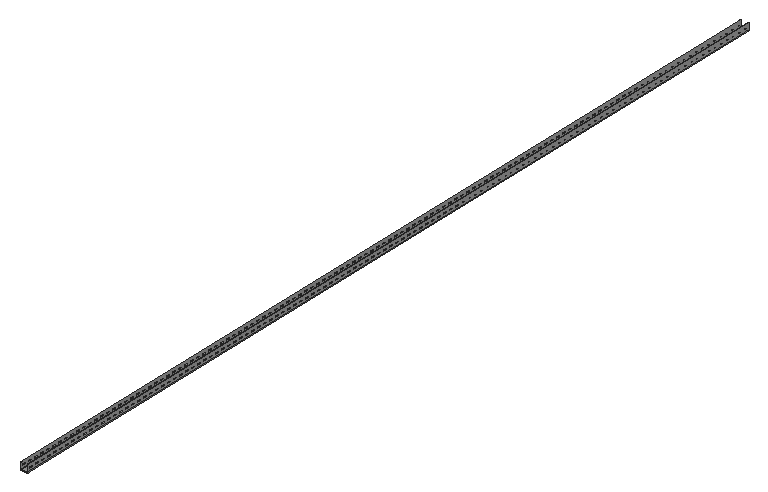
Revit family "U_stiel US 5 20 FT", category Generic Models, Revit 2017 (continued)
Forms (mm)
  Extrusion 208, void
    sketch origin (0, 4300, 0) x (0, 1, 0) y (0, 0, 1)
      loop
        line (10, 30.5) -> (10, 19.5) -> (40, 19.5) -> (40, 30.5) -> (10, 30.5)
    from 0 to 2.5
  Extrusion 209, void
    sketch origin (0, 4350, 0) x (0, 1, 0) y (0, 0, 1)
      loop
        line (10, 30.5) -> (10, 19.5) -> (40, 19.5) -> (40, 30.5) -> (10, 30.5)
    from 0 to 2.5
  Extrusion 210, void
    sketch origin (0, 4400, 0) x (0, 1, 0) y (0, 0, 1)
      loop
        line (10, 30.5) -> (10, 19.5) -> (40, 19.5) -> (40, 30.5) -> (10, 30.5)
    from 0 to 2.5
  Extrusion 211, void
    sketch origin (0, 4450, 0) x (0, 1, 0) y (0, 0, 1)
      loop
        line (10, 30.5) -> (10, 19.5) -> (40, 19.5) -> (40, 30.5) -> (10, 30.5)
    from 0 to 2.5
  Extrusion 212, void
    sketch origin (0, 4500, 0) x (0, 1, 0) y (0, 0, 1)
      loop
        line (10, 30.5) -> (10, 19.5) -> (40, 19.5) -> (40, 30.5) -> (10, 30.5)
    from 0 to 2.5
  Extrusion 213, void
    sketch origin (0, 4550, 0) x (0, 1, 0) y (0, 0, 1)
      loop
        line (10, 30.5) -> (10, 19.5) -> (40, 19.5) -> (40, 30.5) -> (10, 30.5)
    from 0 to 2.5
  Extrusion 214, void
    sketch origin (0, 4600, 0) x (0, 1, 0) y (0, 0, 1)
      loop
        line (10, 30.5) -> (10, 19.5) -> (40, 19.5) -> (40, 30.5) -> (10, 30.5)
    from 0 to 2.5
  Extrusion 215, void
    sketch origin (0, 4650, 0) x (0, 1, 0) y (0, 0, 1)
      loop
        line (10, 30.5) -> (10, 19.5) -> (40, 19.5) -> (40, 30.5) -> (10, 30.5)
    from 0 to 2.5
  Extrusion 216, void
    sketch origin (0, 4700, 0) x (0, 1, 0) y (0, 0, 1)
      loop
        line (10, 30.5) -> (10, 19.5) -> (40, 19.5) -> (40, 30.5) -> (10, 30.5)
    from 0 to 2.5
  Extrusion 217, void
    sketch origin (0, 4750, 0) x (0, 1, 0) y (0, 0, 1)
      loop
        line (10, 30.5) -> (10, 19.5) -> (40, 19.5) -> (40, 30.5) -> (10, 30.5)
    from 0 to 2.5
  Extrusion 218, void
    sketch origin (0, 4800, 0) x (0, 1, 0) y (0, 0, 1)
      loop
        line (10, 30.5) -> (10, 19.5) -> (40, 19.5) -> (40, 30.5) -> (10, 30.5)
    from 0 to 2.5
  Extrusion 219, void
    sketch origin (0, 4850, 0) x (0, 1, 0) y (0, 0, 1)
      loop
        line (10, 30.5) -> (10, 19.5) -> (40, 19.5) -> (40, 30.5) -> (10, 30.5)
    from 0 to 2.5
  Extrusion 220, void
    sketch origin (0, 4900, 0) x (0, 1, 0) y (0, 0, 1)
      loop
        line (10, 30.5) -> (10, 19.5) -> (40, 19.5) -> (40, 30.5) -> (10, 30.5)
    from 0 to 2.5
  Extrusion 221, void
    sketch origin (0, 4950, 0) x (0, 1, 0) y (0, 0, 1)
      loop
        line (10, 30.5) -> (10, 19.5) -> (40, 19.5) -> (40, 30.5) -> (10, 30.5)
    from 0 to 2.5
  Extrusion 222, void
    sketch origin (0, 5000, 0) x (0, 1, 0) y (0, 0, 1)
      loop
        line (10, 30.5) -> (10, 19.5) -> (40, 19.5) -> (40, 30.5) -> (10, 30.5)
    from 0 to 2.5
  Extrusion 223, void
    sketch origin (0, 5050, 0) x (0, 1, 0) y (0, 0, 1)
      loop
        line (10, 30.5) -> (10, 19.5) -> (40, 19.5) -> (40, 30.5) -> (10, 30.5)
    from 0 to 2.5
  Extrusion 224, void
    sketch origin (0, 5100, 0) x (0, 1, 0) y (0, 0, 1)
      loop
        line (10, 30.5) -> (10, 19.5) -> (40, 19.5) -> (40, 30.5) -> (10, 30.5)
    from 0 to 2.5
  Extrusion 225, void
    sketch origin (0, 5150, 0) x (0, 1, 0) y (0, 0, 1)
      loop
        line (10, 30.5) -> (10, 19.5) -> (40, 19.5) -> (40, 30.5) -> (10, 30.5)
    from 0 to 2.5
  Extrusion 226, void
    sketch origin (0, 5200, 0) x (0, 1, 0) y (0, 0, 1)
      loop
        line (10, 30.5) -> (10, 19.5) -> (40, 19.5) -> (40, 30.5) -> (10, 30.5)
    from 0 to 2.5
  Extrusion 227, void
    sketch origin (0, 5250, 0) x (0, 1, 0) y (0, 0, 1)
      loop
        line (10, 30.5) -> (10, 19.5) -> (40, 19.5) -> (40, 30.5) -> (10, 30.5)
    from 0 to 2.5
  Extrusion 228, void
    sketch origin (0, 5300, 0) x (0, 1, 0) y (0, 0, 1)
      loop
        line (10, 30.5) -> (10, 19.5) -> (40, 19.5) -> (40, 30.5) -> (10, 30.5)
    from 0 to 2.5
  Extrusion 229, void
    sketch origin (0, 5350, 0) x (0, 1, 0) y (0, 0, 1)
      loop
        line (10, 30.5) -> (10, 19.5) -> (40, 19.5) -> (40, 30.5) -> (10, 30.5)
    from 0 to 2.5
  Extrusion 230, void
    sketch origin (0, 5400, 0) x (0, 1, 0) y (0, 0, 1)
      loop
        line (10, 30.5) -> (10, 19.5) -> (40, 19.5) -> (40, 30.5) -> (10, 30.5)
    from 0 to 2.5
  Extrusion 231, void
    sketch origin (0, 5450, 0) x (0, 1, 0) y (0, 0, 1)
      loop
        line (10, 30.5) -> (10, 19.5) -> (40, 19.5) -> (40, 30.5) -> (10, 30.5)
    from 0 to 2.5
  Extrusion 232, void
    sketch origin (0, 5500, 0) x (0, 1, 0) y (0, 0, 1)
      loop
        line (10, 30.5) -> (10, 19.5) -> (40, 19.5) -> (40, 30.5) -> (10, 30.5)
    from 0 to 2.5
  Extrusion 233, void
    sketch origin (0, 5550, 0) x (0, 1, 0) y (0, 0, 1)
      loop
        line (10, 30.5) -> (10, 19.5) -> (40, 19.5) -> (40, 30.5) -> (10, 30.5)
    from 0 to 2.5
  Extrusion 234, void
    sketch origin (0, 5600, 0) x (0, 1, 0) y (0, 0, 1)
      loop
        line (10, 30.5) -> (10, 19.5) -> (40, 19.5) -> (40, 30.5) -> (10, 30.5)
    from 0 to 2.5
  Extrusion 235, void
    sketch origin (0, 5650, 0) x (0, 1, 0) y (0, 0, 1)
      loop
        line (10, 30.5) -> (10, 19.5) -> (40, 19.5) -> (40, 30.5) -> (10, 30.5)
    from 0 to 2.5
  Extrusion 236, void
    sketch origin (0, 5700, 0) x (0, 1, 0) y (0, 0, 1)
      loop
        line (10, 30.5) -> (10, 19.5) -> (40, 19.5) -> (40, 30.5) -> (10, 30.5)
    from 0 to 2.5
  Extrusion 237, void
    sketch origin (0, 5750, 0) x (0, 1, 0) y (0, 0, 1)
      loop
        line (10, 30.5) -> (10, 19.5) -> (40, 19.5) -> (40, 30.5) -> (10, 30.5)
    from 0 to 2.5
  Extrusion 238, void
    sketch origin (0, 5800, 0) x (0, 1, 0) y (0, 0, 1)
      loop
        line (10, 30.5) -> (10, 19.5) -> (40, 19.5) -> (40, 30.5) -> (10, 30.5)
    from 0 to 2.5
  Extrusion 239, void
    sketch origin (0, 5850, 0) x (0, 1, 0) y (0, 0, 1)
      loop
        line (10, 30.5) -> (10, 19.5) -> (40, 19.5) -> (40, 30.5) -> (10, 30.5)
    from 0 to 2.5
  Extrusion 240, void
    sketch origin (0, 5900, 0) x (0, 1, 0) y (0, 0, 1)
      loop
        line (10, 30.5) -> (10, 19.5) -> (40, 19.5) -> (40, 30.5) -> (10, 30.5)
    from 0 to 2.5
  Extrusion 241, void
    sketch origin (0, 5950, 0) x (0, 1, 0) y (0, 0, 1)
      loop
        line (10, 30.5) -> (10, 19.5) -> (40, 19.5) -> (40, 30.5) -> (10, 30.5)
    from 0 to 2.5
Cuts and joins
  Extrusion 2, Extrusion 3, Extrusion 4, Extrusion 5, Extrusion 6, Extrusion 7, Extrusion 8, Extrusion 9, Extrusion 10, Extrusion 11, Extrusion 12, Extrusion 13, Extrusion 14, Extrusion 15, Extrusion 16, Extrusion 17, Extrusion 18, Extrusion 19, Extrusion 20, Extrusion 21, Extrusion 22, Extrusion 23, Extrusion 24, Extrusion 25, Extrusion 26, Extrusion 27, Extrusion 28, Extrusion 29, Extrusion 30, Extrusion 31, Extrusion 32, Extrusion 33, Extrusion 34, Extrusion 35, Extrusion 36, Extrusion 37, Extrusion 38, Extrusion 39, Extrusion 40, Extrusion 41, Extrusion 42, Extrusion 43, Extrusion 44, Extrusion 45, Extrusion 46, Extrusion 47, Extrusion 48, Extrusion 49, Extrusion 50, Extrusion 51, Extrusion 52, Extrusion 53, Extrusion 54, Extrusion 55, Extrusion 56, Extrusion 57, Extrusion 58, Extrusion 59, Extrusion 60, Extrusion 61, Extrusion 62, Extrusion 63, Extrusion 64, Extrusion 65, Extrusion 66, Extrusion 67, Extrusion 68, Extrusion 69, Extrusion 70, Extrusion 71, Extrusion 72, Extrusion 73, Extrusion 74, Extrusion 75, Extrusion 76, Extrusion 77, Extrusion 78, Extrusion 79, Extrusion 80, Extrusion 81, Extrusion 82, Extrusion 83, Extrusion 84, Extrusion 85, Extrusion 86, Extrusion 87, Extrusion 88, Extrusion 89, Extrusion 90, Extrusion 91, Extrusion 92, Extrusion 93, Extrusion 94, Extrusion 95, Extrusion 96, Extrusion 97, Extrusion 98, Extrusion 99, Extrusion 100, Extrusion 101, Extrusion 102, Extrusion 103, Extrusion 104, Extrusion 105, Extrusion 106, Extrusion 107, Extrusion 108, Extrusion 109, Extrusion 110, Extrusion 111, Extrusion 112, Extrusion 113, Extrusion 114, Extrusion 115, Extrusion 116, Extrusion 117, Extrusion 118, Extrusion 119, Extrusion 120, Extrusion 121, Extrusion 122, Extrusion 123, Extrusion 124, Extrusion 125, Extrusion 126, Extrusion 127, Extrusion 128, Extrusion 129, Extrusion 130, Extrusion 131, Extrusion 132, Extrusion 133, Extrusion 134, Extrusion 135, Extrusion 136, Extrusion 137, Extrusion 138, Extrusion 139, Extrusion 140, Extrusion 141, Extrusion 142, Extrusion 143, Extrusion 144, Extrusion 145, Extrusion 146, Extrusion 147, Extrusion 148, Extrusion 149, Extrusion 150, Extrusion 151, Extrusion 152, Extrusion 153, Extrusion 154, Extrusion 155, Extrusion 156, Extrusion 157, Extrusion 158, Extrusion 159, Extrusion 160, Extrusion 161, Extrusion 162, Extrusion 163, Extrusion 164, Extrusion 165, Extrusion 166, Extrusion 167, Extrusion 168, Extrusion 169, Extrusion 170, Extrusion 171, Extrusion 172, Extrusion 173, Extrusion 174, Extrusion 175, Extrusion 176, Extrusion 177, Extrusion 178, Extrusion 179, Extrusion 180, Extrusion 181, Extrusion 182, Extrusion 183, Extrusion 184, Extrusion 185, Extrusion 186, Extrusion 187, Extrusion 188, Extrusion 189, Extrusion 190, Extrusion 191, Extrusion 192, Extrusion 193, Extrusion 194, Extrusion 195, Extrusion 196, Extrusion 197, Extrusion 198, Extrusion 199, Extrusion 200, Extrusion 201, Extrusion 202, Extrusion 203, Extrusion 204, Extrusion 205, Extrusion 206, Extrusion 207, Extrusion 208, Extrusion 209, Extrusion 210, Extrusion 211, Extrusion 212, Extrusion 213, Extrusion 214, Extrusion 215, Extrusion 216, Extrusion 217, Extrusion 218, Extrusion 219, Extrusion 220, Extrusion 221, Extrusion 222, Extrusion 223, Extrusion 224, Extrusion 225, Extrusion 226, Extrusion 227, Extrusion 228, Extrusion 229, Extrusion 230, Extrusion 231, Extrusion 232, Extrusion 233, Extrusion 234, Extrusion 235, Extrusion 236, Extrusion 237, Extrusion 238, Extrusion 239, Extrusion 240, Extrusion 241 cuts Extrusion 1
Dimensions and locks
  locked: Extrusion 1 sketch curve to Extrusion 1 sketch curve at 45
  locked: Extrusion 1 sketch curve to Extrusion 1 sketch curve at 50  (x3)
  locked: Extrusion 1 sketch curve to Extrusion 1 sketch curve at 2.5
  "Length": plane 1 "Center (Front/Back)" to plane 4
  locked: Extrusion 2 sketch curve to Extrusion 2 sketch curve at 11
  locked: plane 6 to Extrusion 2 sketch curve at 5.5
  locked: Extrusion 2 sketch curve to Extrusion 2 sketch curve at 30
  equal spacing: group 1, group 2, group 3, group 4, group 125, group 126, group 127, group 128, group 129, group 130, group 131, group 132, group 133, group 134, group 135, group 136, group 137, group 138, group 139, group 140, group 141, group 142, group 143, group 144, group 145, group 146, group 147, group 148, group 149, group 150, group 151, group 152, group 153, group 154, group 155, group 156, group 157, group 158, group 159, group 160, group 161, group 162, group 163, group 164, group 165, group 166, group 167, group 168, group 169, group 170, group 171, group 172, group 173, group 174, group 175, group 176, group 177, group 178, group 179, group 180, group 181, group 182, group 183, group 184, group 185, group 186, group 187, group 188, group 189, group 190, group 191, group 192, group 193, group 194, group 195, group 196, group 197, group 198, group 199, group 200, group 201, group 202, group 203, group 204, group 205, group 206, group 207, group 208, group 209, group 210, group 211, group 212, group 213, group 214, group 215, group 216, group 217, group 218, group 219, group 220, group 221, group 222, group 223, group 224, group 225, group 226, group 227, group 228, group 229, group 230, group 231, group 232, group 233, group 234, group 235, group 236, group 237, group 238, group 239, group 240  (x3)
  locked: Extrusion 7 sketch curve to Extrusion 7 sketch curve at 11
  locked: plane 16 to Extrusion 7 sketch curve at 5.5
  locked: Extrusion 7 sketch curve to Extrusion 7 sketch curve at 30
  equal spacing: group 5, group 6, group 7, group 8, group 9, group 10, group 11, group 12, group 13, group 14, group 15, group 16, group 17, group 18, group 19, group 20, group 21, group 22, group 23, group 24, group 25, group 26, group 27, group 28, group 29, group 30, group 31, group 32, group 33, group 34, group 35, group 36, group 37, group 38, group 39, group 40, group 41, group 42, group 43, group 44, group 45, group 46, group 47, group 48, group 49, group 50, group 51, group 52, group 53, group 54, group 55, group 56, group 57, group 58, group 59, group 60, group 61, group 62, group 63, group 64, group 65, group 66, group 67, group 68, group 69, group 70, group 71, group 72, group 73, group 74, group 75, group 76, group 77, group 78, group 79, group 80, group 81, group 82, group 83, group 84, group 85, group 86, group 87, group 88, group 89, group 90, group 91, group 92, group 93, group 94, group 95, group 96, group 97, group 98, group 99, group 100, group 101, group 102, group 103, group 104, group 105, group 106, group 107, group 108, group 109, group 110, group 111, group 112, group 113, group 114, group 115, group 116, group 117, group 118, group 119, group 120, group 121, group 122, group 123, group 124  (x3)
  locked: Extrusion 8 sketch curve to Extrusion 8 sketch curve at 11
  locked: plane 18 to Extrusion 8 sketch curve at 5.5
  locked: Extrusion 8 sketch curve to Extrusion 8 sketch curve at 30
  locked: Extrusion 9 sketch curve to Extrusion 9 sketch curve at 11
  locked: plane 20 to Extrusion 9 sketch curve at 5.5
  locked: Extrusion 9 sketch curve to Extrusion 9 sketch curve at 30
  locked: Extrusion 10 sketch curve to Extrusion 10 sketch curve at 11
  locked: plane 22 to Extrusion 10 sketch curve at 5.5
  locked: Extrusion 10 sketch curve to Extrusion 10 sketch curve at 30
  locked: Extrusion 11 sketch curve to Extrusion 11 sketch curve at 11
  locked: plane 24 to Extrusion 11 sketch curve at 5.5
  locked: Extrusion 11 sketch curve to Extrusion 11 sketch curve at 30
  locked: Extrusion 12 sketch curve to Extrusion 12 sketch curve at 11
  locked: plane 26 to Extrusion 12 sketch curve at 5.5
  locked: Extrusion 12 sketch curve to Extrusion 12 sketch curve at 30
  locked: Extrusion 13 sketch curve to Extrusion 13 sketch curve at 11
  locked: plane 28 to Extrusion 13 sketch curve at 5.5
  locked: Extrusion 13 sketch curve to Extrusion 13 sketch curve at 30
  locked: Extrusion 14 sketch curve to Extrusion 14 sketch curve at 11
  locked: plane 30 to Extrusion 14 sketch curve at 5.5
  locked: Extrusion 14 sketch curve to Extrusion 14 sketch curve at 30
  locked: Extrusion 15 sketch curve to Extrusion 15 sketch curve at 11
  locked: plane 32 to Extrusion 15 sketch curve at 5.5
  locked: Extrusion 15 sketch curve to Extrusion 15 sketch curve at 30
  locked: Extrusion 16 sketch curve to Extrusion 16 sketch curve at 11
  locked: plane 34 to Extrusion 16 sketch curve at 5.5
  locked: Extrusion 16 sketch curve to Extrusion 16 sketch curve at 30
  locked: Extrusion 17 sketch curve to Extrusion 17 sketch curve at 11
  locked: plane 36 to Extrusion 17 sketch curve at 5.5
  locked: Extrusion 17 sketch curve to Extrusion 17 sketch curve at 30
  locked: Extrusion 18 sketch curve to Extrusion 18 sketch curve at 11
  locked: plane 38 to Extrusion 18 sketch curve at 5.5
  locked: Extrusion 18 sketch curve to Extrusion 18 sketch curve at 30
  locked: Extrusion 19 sketch curve to Extrusion 19 sketch curve at 11
  locked: plane 40 to Extrusion 19 sketch curve at 5.5
  locked: Extrusion 19 sketch curve to Extrusion 19 sketch curve at 30
  locked: Extrusion 20 sketch curve to Extrusion 20 sketch curve at 11
  locked: plane 42 to Extrusion 20 sketch curve at 5.5
  locked: Extrusion 20 sketch curve to Extrusion 20 sketch curve at 30
  locked: Extrusion 21 sketch curve to Extrusion 21 sketch curve at 11
  locked: plane 44 to Extrusion 21 sketch curve at 5.5
  locked: Extrusion 21 sketch curve to Extrusion 21 sketch curve at 30
  locked: Extrusion 22 sketch curve to Extrusion 22 sketch curve at 11
  locked: plane 46 to Extrusion 22 sketch curve at 5.5
  locked: Extrusion 22 sketch curve to Extrusion 22 sketch curve at 30
  locked: Extrusion 23 sketch curve to Extrusion 23 sketch curve at 11
  locked: plane 48 to Extrusion 23 sketch curve at 5.5
  locked: Extrusion 23 sketch curve to Extrusion 23 sketch curve at 30
  locked: Extrusion 24 sketch curve to Extrusion 24 sketch curve at 11
  locked: plane 50 to Extrusion 24 sketch curve at 5.5
  locked: Extrusion 24 sketch curve to Extrusion 24 sketch curve at 30
  locked: Extrusion 25 sketch curve to Extrusion 25 sketch curve at 11
  locked: plane 52 to Extrusion 25 sketch curve at 5.5
  locked: Extrusion 25 sketch curve to Extrusion 25 sketch curve at 30
  locked: Extrusion 26 sketch curve to Extrusion 26 sketch curve at 11
  locked: plane 54 to Extrusion 26 sketch curve at 5.5
  locked: Extrusion 26 sketch curve to Extrusion 26 sketch curve at 30
  locked: Extrusion 27 sketch curve to Extrusion 27 sketch curve at 11
  locked: plane 56 to Extrusion 27 sketch curve at 5.5
  locked: Extrusion 27 sketch curve to Extrusion 27 sketch curve at 30
  locked: Extrusion 28 sketch curve to Extrusion 28 sketch curve at 11
  locked: plane 58 to Extrusion 28 sketch curve at 5.5
  locked: Extrusion 28 sketch curve to Extrusion 28 sketch curve at 30
  locked: Extrusion 29 sketch curve to Extrusion 29 sketch curve at 11
  locked: plane 60 to Extrusion 29 sketch curve at 5.5
  locked: Extrusion 29 sketch curve to Extrusion 29 sketch curve at 30
  locked: Extrusion 30 sketch curve to Extrusion 30 sketch curve at 11
  locked: plane 62 to Extrusion 30 sketch curve at 5.5
  locked: Extrusion 30 sketch curve to Extrusion 30 sketch curve at 30
  locked: Extrusion 31 sketch curve to Extrusion 31 sketch curve at 11
  locked: plane 64 to Extrusion 31 sketch curve at 5.5
  locked: Extrusion 31 sketch curve to Extrusion 31 sketch curve at 30
  locked: Extrusion 32 sketch curve to Extrusion 32 sketch curve at 11
  locked: plane 66 to Extrusion 32 sketch curve at 5.5
  locked: Extrusion 32 sketch curve to Extrusion 32 sketch curve at 30
  locked: Extrusion 33 sketch curve to Extrusion 33 sketch curve at 11
  locked: plane 68 to Extrusion 33 sketch curve at 5.5
  locked: Extrusion 33 sketch curve to Extrusion 33 sketch curve at 30
  locked: Extrusion 34 sketch curve to Extrusion 34 sketch curve at 11
  locked: plane 70 to Extrusion 34 sketch curve at 5.5
  locked: Extrusion 34 sketch curve to Extrusion 34 sketch curve at 30
  locked: Extrusion 35 sketch curve to Extrusion 35 sketch curve at 11
  locked: plane 72 to Extrusion 35 sketch curve at 5.5
  locked: Extrusion 35 sketch curve to Extrusion 35 sketch curve at 30
  locked: Extrusion 36 sketch curve to Extrusion 36 sketch curve at 11
  locked: plane 74 to Extrusion 36 sketch curve at 5.5
  locked: Extrusion 36 sketch curve to Extrusion 36 sketch curve at 30
  locked: Extrusion 37 sketch curve to Extrusion 37 sketch curve at 11
  locked: plane 76 to Extrusion 37 sketch curve at 5.5
  locked: Extrusion 37 sketch curve to Extrusion 37 sketch curve at 30
  locked: Extrusion 38 sketch curve to Extrusion 38 sketch curve at 11
  locked: plane 78 to Extrusion 38 sketch curve at 5.5
  locked: Extrusion 38 sketch curve to Extrusion 38 sketch curve at 30
  locked: Extrusion 39 sketch curve to Extrusion 39 sketch curve at 11
  locked: plane 80 to Extrusion 39 sketch curve at 5.5
  locked: Extrusion 39 sketch curve to Extrusion 39 sketch curve at 30
  locked: Extrusion 40 sketch curve to Extrusion 40 sketch curve at 11
  locked: plane 82 to Extrusion 40 sketch curve at 5.5
  locked: Extrusion 40 sketch curve to Extrusion 40 sketch curve at 30
  locked: Extrusion 41 sketch curve to Extrusion 41 sketch curve at 11
  locked: plane 84 to Extrusion 41 sketch curve at 5.5
  locked: Extrusion 41 sketch curve to Extrusion 41 sketch curve at 30
  locked: Extrusion 42 sketch curve to Extrusion 42 sketch curve at 11
  locked: plane 86 to Extrusion 42 sketch curve at 5.5
  locked: Extrusion 42 sketch curve to Extrusion 42 sketch curve at 30
  locked: Extrusion 43 sketch curve to Extrusion 43 sketch curve at 11
  locked: plane 88 to Extrusion 43 sketch curve at 5.5
  locked: Extrusion 43 sketch curve to Extrusion 43 sketch curve at 30
  locked: Extrusion 44 sketch curve to Extrusion 44 sketch curve at 11
  locked: plane 90 to Extrusion 44 sketch curve at 5.5
  locked: Extrusion 44 sketch curve to Extrusion 44 sketch curve at 30
  locked: Extrusion 45 sketch curve to Extrusion 45 sketch curve at 11
  locked: plane 92 to Extrusion 45 sketch curve at 5.5
  locked: Extrusion 45 sketch curve to Extrusion 45 sketch curve at 30
  locked: Extrusion 46 sketch curve to Extrusion 46 sketch curve at 11
  locked: plane 94 to Extrusion 46 sketch curve at 5.5
  locked: Extrusion 46 sketch curve to Extrusion 46 sketch curve at 30
  locked: Extrusion 47 sketch curve to Extrusion 47 sketch curve at 11
  locked: plane 96 to Extrusion 47 sketch curve at 5.5
  locked: Extrusion 47 sketch curve to Extrusion 47 sketch curve at 30
  locked: Extrusion 48 sketch curve to Extrusion 48 sketch curve at 11
  locked: plane 98 to Extrusion 48 sketch curve at 5.5
  locked: Extrusion 48 sketch curve to Extrusion 48 sketch curve at 30
  locked: Extrusion 49 sketch curve to Extrusion 49 sketch curve at 11
  locked: plane 100 to Extrusion 49 sketch curve at 5.5
  locked: Extrusion 49 sketch curve to Extrusion 49 sketch curve at 30
  locked: Extrusion 50 sketch curve to Extrusion 50 sketch curve at 11
  locked: plane 102 to Extrusion 50 sketch curve at 5.5
  locked: Extrusion 50 sketch curve to Extrusion 50 sketch curve at 30
  locked: Extrusion 51 sketch curve to Extrusion 51 sketch curve at 11
  locked: plane 104 to Extrusion 51 sketch curve at 5.5
  locked: Extrusion 51 sketch curve to Extrusion 51 sketch curve at 30
  locked: Extrusion 52 sketch curve to Extrusion 52 sketch curve at 11
  locked: plane 106 to Extrusion 52 sketch curve at 5.5
  locked: Extrusion 52 sketch curve to Extrusion 52 sketch curve at 30
  locked: Extrusion 53 sketch curve to Extrusion 53 sketch curve at 11
  locked: plane 108 to Extrusion 53 sketch curve at 5.5
  locked: Extrusion 53 sketch curve to Extrusion 53 sketch curve at 30
  locked: Extrusion 54 sketch curve to Extrusion 54 sketch curve at 11
  locked: plane 110 to Extrusion 54 sketch curve at 5.5
  locked: Extrusion 54 sketch curve to Extrusion 54 sketch curve at 30
  locked: Extrusion 55 sketch curve to Extrusion 55 sketch curve at 11
  locked: plane 112 to Extrusion 55 sketch curve at 5.5
  locked: Extrusion 55 sketch curve to Extrusion 55 sketch curve at 30
  locked: Extrusion 56 sketch curve to Extrusion 56 sketch curve at 11
  locked: plane 114 to Extrusion 56 sketch curve at 5.5
  locked: Extrusion 56 sketch curve to Extrusion 56 sketch curve at 30
  locked: Extrusion 57 sketch curve to Extrusion 57 sketch curve at 11
  locked: plane 116 to Extrusion 57 sketch curve at 5.5
  locked: Extrusion 57 sketch curve to Extrusion 57 sketch curve at 30
  locked: Extrusion 58 sketch curve to Extrusion 58 sketch curve at 11
  locked: plane 118 to Extrusion 58 sketch curve at 5.5
  locked: Extrusion 58 sketch curve to Extrusion 58 sketch curve at 30
  locked: Extrusion 59 sketch curve to Extrusion 59 sketch curve at 11
  locked: plane 120 to Extrusion 59 sketch curve at 5.5
  locked: Extrusion 59 sketch curve to Extrusion 59 sketch curve at 30
  locked: Extrusion 60 sketch curve to Extrusion 60 sketch curve at 11
  locked: plane 122 to Extrusion 60 sketch curve at 5.5
  locked: Extrusion 60 sketch curve to Extrusion 60 sketch curve at 30
  locked: Extrusion 61 sketch curve to Extrusion 61 sketch curve at 11
  locked: plane 124 to Extrusion 61 sketch curve at 5.5
  locked: Extrusion 61 sketch curve to Extrusion 61 sketch curve at 30
  locked: Extrusion 62 sketch curve to Extrusion 62 sketch curve at 11
  locked: plane 126 to Extrusion 62 sketch curve at 5.5
  locked: Extrusion 62 sketch curve to Extrusion 62 sketch curve at 30
  locked: Extrusion 63 sketch curve to Extrusion 63 sketch curve at 11
  locked: plane 128 to Extrusion 63 sketch curve at 5.5
  locked: Extrusion 63 sketch curve to Extrusion 63 sketch curve at 30
  locked: Extrusion 64 sketch curve to Extrusion 64 sketch curve at 11
  locked: plane 130 to Extrusion 64 sketch curve at 5.5
  locked: Extrusion 64 sketch curve to Extrusion 64 sketch curve at 30
  locked: Extrusion 65 sketch curve to Extrusion 65 sketch curve at 11
  locked: plane 132 to Extrusion 65 sketch curve at 5.5
  locked: Extrusion 65 sketch curve to Extrusion 65 sketch curve at 30
  locked: Extrusion 66 sketch curve to Extrusion 66 sketch curve at 11
  locked: plane 134 to Extrusion 66 sketch curve at 5.5
  locked: Extrusion 66 sketch curve to Extrusion 66 sketch curve at 30
  locked: Extrusion 67 sketch curve to Extrusion 67 sketch curve at 11
  locked: plane 136 to Extrusion 67 sketch curve at 5.5
  locked: Extrusion 67 sketch curve to Extrusion 67 sketch curve at 30
  locked: Extrusion 68 sketch curve to Extrusion 68 sketch curve at 11
  locked: plane 138 to Extrusion 68 sketch curve at 5.5
  locked: Extrusion 68 sketch curve to Extrusion 68 sketch curve at 30
  locked: Extrusion 69 sketch curve to Extrusion 69 sketch curve at 11
  locked: plane 140 to Extrusion 69 sketch curve at 5.5
  locked: Extrusion 69 sketch curve to Extrusion 69 sketch curve at 30
  locked: Extrusion 70 sketch curve to Extrusion 70 sketch curve at 11
  locked: plane 142 to Extrusion 70 sketch curve at 5.5
  locked: Extrusion 70 sketch curve to Extrusion 70 sketch curve at 30
  locked: Extrusion 71 sketch curve to Extrusion 71 sketch curve at 11
  locked: plane 144 to Extrusion 71 sketch curve at 5.5
  locked: Extrusion 71 sketch curve to Extrusion 71 sketch curve at 30
  locked: Extrusion 72 sketch curve to Extrusion 72 sketch curve at 11
  locked: plane 146 to Extrusion 72 sketch curve at 5.5
  locked: Extrusion 72 sketch curve to Extrusion 72 sketch curve at 30
  locked: Extrusion 73 sketch curve to Extrusion 73 sketch curve at 11
  locked: plane 148 to Extrusion 73 sketch curve at 5.5
  locked: Extrusion 73 sketch curve to Extrusion 73 sketch curve at 30
  locked: Extrusion 74 sketch curve to Extrusion 74 sketch curve at 11
  locked: plane 150 to Extrusion 74 sketch curve at 5.5
  locked: Extrusion 74 sketch curve to Extrusion 74 sketch curve at 30
  locked: Extrusion 75 sketch curve to Extrusion 75 sketch curve at 11
  locked: plane 152 to Extrusion 75 sketch curve at 5.5
  locked: Extrusion 75 sketch curve to Extrusion 75 sketch curve at 30
  locked: Extrusion 76 sketch curve to Extrusion 76 sketch curve at 11
  locked: plane 154 to Extrusion 76 sketch curve at 5.5
  locked: Extrusion 76 sketch curve to Extrusion 76 sketch curve at 30
  locked: Extrusion 77 sketch curve to Extrusion 77 sketch curve at 11
  locked: plane 156 to Extrusion 77 sketch curve at 5.5
  locked: Extrusion 77 sketch curve to Extrusion 77 sketch curve at 30
  locked: Extrusion 78 sketch curve to Extrusion 78 sketch curve at 11
  locked: plane 158 to Extrusion 78 sketch curve at 5.5
  locked: Extrusion 78 sketch curve to Extrusion 78 sketch curve at 30
  locked: Extrusion 79 sketch curve to Extrusion 79 sketch curve at 11
  locked: plane 160 to Extrusion 79 sketch curve at 5.5
  locked: Extrusion 79 sketch curve to Extrusion 79 sketch curve at 30
  locked: Extrusion 80 sketch curve to Extrusion 80 sketch curve at 11
  locked: plane 162 to Extrusion 80 sketch curve at 5.5
  locked: Extrusion 80 sketch curve to Extrusion 80 sketch curve at 30
  locked: Extrusion 81 sketch curve to Extrusion 81 sketch curve at 11
  locked: plane 164 to Extrusion 81 sketch curve at 5.5
  locked: Extrusion 81 sketch curve to Extrusion 81 sketch curve at 30
  locked: Extrusion 82 sketch curve to Extrusion 82 sketch curve at 11
  locked: plane 166 to Extrusion 82 sketch curve at 5.5
  locked: Extrusion 82 sketch curve to Extrusion 82 sketch curve at 30
  locked: Extrusion 83 sketch curve to Extrusion 83 sketch curve at 11
  locked: plane 168 to Extrusion 83 sketch curve at 5.5
  locked: Extrusion 83 sketch curve to Extrusion 83 sketch curve at 30
  locked: Extrusion 84 sketch curve to Extrusion 84 sketch curve at 11
  locked: plane 170 to Extrusion 84 sketch curve at 5.5
  locked: Extrusion 84 sketch curve to Extrusion 84 sketch curve at 30
  locked: Extrusion 85 sketch curve to Extrusion 85 sketch curve at 11
  locked: plane 172 to Extrusion 85 sketch curve at 5.5
  locked: Extrusion 85 sketch curve to Extrusion 85 sketch curve at 30
  locked: Extrusion 86 sketch curve to Extrusion 86 sketch curve at 11
  locked: plane 174 to Extrusion 86 sketch curve at 5.5
  locked: Extrusion 86 sketch curve to Extrusion 86 sketch curve at 30
  locked: Extrusion 87 sketch curve to Extrusion 87 sketch curve at 11
  locked: plane 176 to Extrusion 87 sketch curve at 5.5
  locked: Extrusion 87 sketch curve to Extrusion 87 sketch curve at 30
  locked: Extrusion 88 sketch curve to Extrusion 88 sketch curve at 11
  locked: plane 178 to Extrusion 88 sketch curve at 5.5
  locked: Extrusion 88 sketch curve to Extrusion 88 sketch curve at 30
  locked: Extrusion 89 sketch curve to Extrusion 89 sketch curve at 11
  locked: plane 180 to Extrusion 89 sketch curve at 5.5
  locked: Extrusion 89 sketch curve to Extrusion 89 sketch curve at 30
  locked: Extrusion 90 sketch curve to Extrusion 90 sketch curve at 11
  locked: plane 182 to Extrusion 90 sketch curve at 5.5
  locked: Extrusion 90 sketch curve to Extrusion 90 sketch curve at 30
  locked: Extrusion 91 sketch curve to Extrusion 91 sketch curve at 11
  locked: plane 184 to Extrusion 91 sketch curve at 5.5
  locked: Extrusion 91 sketch curve to Extrusion 91 sketch curve at 30
  locked: Extrusion 92 sketch curve to Extrusion 92 sketch curve at 11
  locked: plane 186 to Extrusion 92 sketch curve at 5.5
  locked: Extrusion 92 sketch curve to Extrusion 92 sketch curve at 30
  locked: Extrusion 93 sketch curve to Extrusion 93 sketch curve at 11
  locked: plane 188 to Extrusion 93 sketch curve at 5.5
  locked: Extrusion 93 sketch curve to Extrusion 93 sketch curve at 30
  locked: Extrusion 94 sketch curve to Extrusion 94 sketch curve at 11
  locked: plane 190 to Extrusion 94 sketch curve at 5.5
  locked: Extrusion 94 sketch curve to Extrusion 94 sketch curve at 30
  locked: Extrusion 95 sketch curve to Extrusion 95 sketch curve at 11
  locked: plane 192 to Extrusion 95 sketch curve at 5.5
  locked: Extrusion 95 sketch curve to Extrusion 95 sketch curve at 30
  locked: Extrusion 96 sketch curve to Extrusion 96 sketch curve at 11
  locked: plane 194 to Extrusion 96 sketch curve at 5.5
  locked: Extrusion 96 sketch curve to Extrusion 96 sketch curve at 30
  locked: Extrusion 97 sketch curve to Extrusion 97 sketch curve at 11
  locked: plane 196 to Extrusion 97 sketch curve at 5.5
  locked: Extrusion 97 sketch curve to Extrusion 97 sketch curve at 30
  locked: Extrusion 98 sketch curve to Extrusion 98 sketch curve at 11
  locked: plane 198 to Extrusion 98 sketch curve at 5.5
  locked: Extrusion 98 sketch curve to Extrusion 98 sketch curve at 30
  locked: Extrusion 99 sketch curve to Extrusion 99 sketch curve at 11
  locked: plane 200 to Extrusion 99 sketch curve at 5.5
  locked: Extrusion 99 sketch curve to Extrusion 99 sketch curve at 30
  locked: Extrusion 100 sketch curve to Extrusion 100 sketch curve at 11
  locked: plane 202 to Extrusion 100 sketch curve at 5.5
  locked: Extrusion 100 sketch curve to Extrusion 100 sketch curve at 30
  locked: Extrusion 101 sketch curve to Extrusion 101 sketch curve at 11
  locked: plane 204 to Extrusion 101 sketch curve at 5.5
  locked: Extrusion 101 sketch curve to Extrusion 101 sketch curve at 30
  locked: Extrusion 102 sketch curve to Extrusion 102 sketch curve at 11
  locked: plane 206 to Extrusion 102 sketch curve at 5.5
  locked: Extrusion 102 sketch curve to Extrusion 102 sketch curve at 30
  locked: Extrusion 103 sketch curve to Extrusion 103 sketch curve at 11
  locked: plane 208 to Extrusion 103 sketch curve at 5.5
  locked: Extrusion 103 sketch curve to Extrusion 103 sketch curve at 30
  locked: Extrusion 104 sketch curve to Extrusion 104 sketch curve at 11
  locked: plane 210 to Extrusion 104 sketch curve at 5.5
  locked: Extrusion 104 sketch curve to Extrusion 104 sketch curve at 30
  locked: Extrusion 105 sketch curve to Extrusion 105 sketch curve at 11
  locked: plane 212 to Extrusion 105 sketch curve at 5.5
  locked: Extrusion 105 sketch curve to Extrusion 105 sketch curve at 30
  locked: Extrusion 106 sketch curve to Extrusion 106 sketch curve at 11
  locked: plane 214 to Extrusion 106 sketch curve at 5.5
  locked: Extrusion 106 sketch curve to Extrusion 106 sketch curve at 30
  locked: Extrusion 107 sketch curve to Extrusion 107 sketch curve at 11
  locked: plane 216 to Extrusion 107 sketch curve at 5.5
  locked: Extrusion 107 sketch curve to Extrusion 107 sketch curve at 30
  locked: Extrusion 108 sketch curve to Extrusion 108 sketch curve at 11
  locked: plane 218 to Extrusion 108 sketch curve at 5.5
  locked: Extrusion 108 sketch curve to Extrusion 108 sketch curve at 30
  locked: Extrusion 109 sketch curve to Extrusion 109 sketch curve at 11
  locked: plane 220 to Extrusion 109 sketch curve at 5.5
  locked: Extrusion 109 sketch curve to Extrusion 109 sketch curve at 30
  locked: Extrusion 110 sketch curve to Extrusion 110 sketch curve at 11
  locked: plane 222 to Extrusion 110 sketch curve at 5.5
  locked: Extrusion 110 sketch curve to Extrusion 110 sketch curve at 30
  locked: Extrusion 111 sketch curve to Extrusion 111 sketch curve at 11
  locked: plane 224 to Extrusion 111 sketch curve at 5.5
  locked: Extrusion 111 sketch curve to Extrusion 111 sketch curve at 30
  locked: Extrusion 112 sketch curve to Extrusion 112 sketch curve at 11
  locked: plane 226 to Extrusion 112 sketch curve at 5.5
  locked: Extrusion 112 sketch curve to Extrusion 112 sketch curve at 30
  locked: Extrusion 113 sketch curve to Extrusion 113 sketch curve at 11
  locked: plane 228 to Extrusion 113 sketch curve at 5.5
  locked: Extrusion 113 sketch curve to Extrusion 113 sketch curve at 30
  locked: Extrusion 114 sketch curve to Extrusion 114 sketch curve at 11
  locked: plane 230 to Extrusion 114 sketch curve at 5.5
  locked: Extrusion 114 sketch curve to Extrusion 114 sketch curve at 30
  locked: Extrusion 115 sketch curve to Extrusion 115 sketch curve at 11
  locked: plane 232 to Extrusion 115 sketch curve at 5.5
  locked: Extrusion 115 sketch curve to Extrusion 115 sketch curve at 30
  locked: Extrusion 116 sketch curve to Extrusion 116 sketch curve at 11
  locked: plane 234 to Extrusion 116 sketch curve at 5.5
  locked: Extrusion 116 sketch curve to Extrusion 116 sketch curve at 30
  locked: Extrusion 117 sketch curve to Extrusion 117 sketch curve at 11
  locked: plane 236 to Extrusion 117 sketch curve at 5.5
  locked: Extrusion 117 sketch curve to Extrusion 117 sketch curve at 30
  locked: Extrusion 118 sketch curve to Extrusion 118 sketch curve at 11
  locked: plane 238 to Extrusion 118 sketch curve at 5.5
  locked: Extrusion 118 sketch curve to Extrusion 118 sketch curve at 30
  locked: Extrusion 119 sketch curve to Extrusion 119 sketch curve at 11
  locked: plane 240 to Extrusion 119 sketch curve at 5.5
  locked: Extrusion 119 sketch curve to Extrusion 119 sketch curve at 30
  locked: Extrusion 120 sketch curve to Extrusion 120 sketch curve at 11
  locked: plane 242 to Extrusion 120 sketch curve at 5.5
  locked: Extrusion 120 sketch curve to Extrusion 120 sketch curve at 30
  locked: Extrusion 121 sketch curve to Extrusion 121 sketch curve at 11
  locked: plane 244 to Extrusion 121 sketch curve at 5.5
  locked: Extrusion 121 sketch curve to Extrusion 121 sketch curve at 30
  locked: Extrusion 122 sketch curve to Extrusion 122 sketch curve at 11
  locked: plane 246 to Extrusion 122 sketch curve at 5.5
  locked: Extrusion 122 sketch curve to Extrusion 122 sketch curve at 30
  locked: Extrusion 123 sketch curve to Extrusion 123 sketch curve at 11
  locked: plane 248 to Extrusion 123 sketch curve at 5.5
  locked: Extrusion 123 sketch curve to Extrusion 123 sketch curve at 30
  locked: Extrusion 124 sketch curve to Extrusion 124 sketch curve at 11
  locked: plane 250 to Extrusion 124 sketch curve at 5.5
  locked: Extrusion 124 sketch curve to Extrusion 124 sketch curve at 30
  locked: Extrusion 125 sketch curve to Extrusion 125 sketch curve at 11
  locked: plane 252 to Extrusion 125 sketch curve at 5.5
  locked: Extrusion 125 sketch curve to Extrusion 125 sketch curve at 30
  aligned and locked: level to plane 2
  aligned and locked: Extrusion 1 sketch curve to level
  aligned and locked: Extrusion 1 sketch curve to Extrusion 1 sketch curve
  aligned and locked: plane 4 to Extrusion 1
  aligned and locked: Extrusion 1 to Extrusion 2  (x2)
  aligned and locked: Extrusion 1 to plane 3 "Center (Left/Right)"
  aligned and locked: Extrusion 1 to Extrusion 3
Automatic sketch dimensions
  Extrusion 1 sketch curve to Extrusion 1 sketch curve = 0 mm  (x4)
  Extrusion 1 sketch curve to plane 3 "Center (Left/Right)" = 0 mm
  Extrusion 1 sketch curve to Extrusion 1 sketch curve = 1.5 mm
  Extrusion 1 sketch curve to Extrusion 1 sketch curve = 42 mm
  Extrusion 2 sketch curve to plane 5 = 0 mm
  plane 8 to Extrusion 3 sketch curve = 0.125 mm
  Extrusion 3 sketch curve to plane 7 = 5.5 mm
  Extrusion 3 sketch curve to Extrusion 3 sketch curve = 30 mm
  plane 7 to Extrusion 3 sketch curve = 5.5 mm
  plane 10 to Extrusion 4 sketch curve = 0.125 mm
  Extrusion 4 sketch curve to plane 9 = 5.5 mm
  Extrusion 4 sketch curve to Extrusion 4 sketch curve = 30 mm
  plane 9 to Extrusion 4 sketch curve = 5.5 mm
  plane 12 to Extrusion 5 sketch curve = 0.125 mm
  Extrusion 5 sketch curve to plane 11 = 5.5 mm
  Extrusion 5 sketch curve to Extrusion 5 sketch curve = 30 mm
  plane 11 to Extrusion 5 sketch curve = 5.5 mm
  plane 14 to Extrusion 6 sketch curve = 0.125 mm
  Extrusion 6 sketch curve to plane 13 = 5.5 mm
  Extrusion 6 sketch curve to Extrusion 6 sketch curve = 30 mm
  plane 13 to Extrusion 6 sketch curve = 5.5 mm
  Extrusion 7 sketch curve to plane 15 = 0 mm
  Extrusion 8 sketch curve to plane 17 = 0 mm
  Extrusion 9 sketch curve to plane 19 = 0 mm
  Extrusion 10 sketch curve to plane 21 = 0 mm
  Extrusion 11 sketch curve to plane 23 = 0 mm
  Extrusion 12 sketch curve to plane 25 = 0 mm
  Extrusion 13 sketch curve to plane 27 = 0 mm
  Extrusion 14 sketch curve to plane 29 = 0 mm
  Extrusion 15 sketch curve to plane 31 = 0 mm
  Extrusion 16 sketch curve to plane 33 = 0 mm
  Extrusion 17 sketch curve to plane 35 = 0 mm
  Extrusion 18 sketch curve to plane 37 = 0 mm
  Extrusion 19 sketch curve to plane 39 = 0 mm
  Extrusion 20 sketch curve to plane 41 = 0 mm
  Extrusion 21 sketch curve to plane 43 = 0 mm
  Extrusion 22 sketch curve to plane 45 = 0 mm
  Extrusion 23 sketch curve to plane 47 = 0 mm
  Extrusion 24 sketch curve to plane 49 = 0 mm
  Extrusion 25 sketch curve to plane 51 = 0 mm
  Extrusion 26 sketch curve to plane 53 = 0 mm
  Extrusion 27 sketch curve to plane 55 = 0 mm
  Extrusion 28 sketch curve to plane 57 = 0 mm
  Extrusion 29 sketch curve to plane 59 = 0 mm
  Extrusion 30 sketch curve to plane 61 = 0 mm
  Extrusion 31 sketch curve to plane 63 = 0 mm
  Extrusion 32 sketch curve to plane 65 = 0 mm
  Extrusion 33 sketch curve to plane 67 = 0 mm
  Extrusion 34 sketch curve to plane 69 = 0 mm
  Extrusion 35 sketch curve to plane 71 = 0 mm
  Extrusion 36 sketch curve to plane 73 = 0 mm
  Extrusion 37 sketch curve to plane 75 = 0 mm
  Extrusion 38 sketch curve to plane 77 = 0 mm
  Extrusion 39 sketch curve to plane 79 = 0 mm
  Extrusion 40 sketch curve to plane 81 = 0 mm
  Extrusion 41 sketch curve to plane 83 = 0 mm
  Extrusion 42 sketch curve to plane 85 = 0 mm
  Extrusion 43 sketch curve to plane 87 = 0 mm
  Extrusion 44 sketch curve to plane 89 = 0 mm
  Extrusion 45 sketch curve to plane 91 = 0 mm
  Extrusion 46 sketch curve to plane 93 = 0 mm
  Extrusion 47 sketch curve to plane 95 = 0 mm
  Extrusion 48 sketch curve to plane 97 = 0 mm
  Extrusion 49 sketch curve to plane 99 = 0 mm
  Extrusion 50 sketch curve to plane 101 = 0 mm
  Extrusion 51 sketch curve to plane 103 = 0 mm
  Extrusion 52 sketch curve to plane 105 = 0 mm
  Extrusion 53 sketch curve to plane 107 = 0 mm
  Extrusion 54 sketch curve to plane 109 = 0 mm
  Extrusion 55 sketch curve to plane 111 = 0 mm
  Extrusion 56 sketch curve to plane 113 = 0 mm
  Extrusion 57 sketch curve to plane 115 = 0 mm
  Extrusion 58 sketch curve to plane 117 = 0 mm
  Extrusion 59 sketch curve to plane 119 = 0 mm
  Extrusion 60 sketch curve to plane 121 = 0 mm
  Extrusion 61 sketch curve to plane 123 = 0 mm
  Extrusion 62 sketch curve to plane 125 = 0 mm
  Extrusion 63 sketch curve to plane 127 = 0 mm
  Extrusion 64 sketch curve to plane 129 = 0 mm
  Extrusion 65 sketch curve to plane 131 = 0 mm
  Extrusion 66 sketch curve to plane 133 = 0 mm
  Extrusion 67 sketch curve to plane 135 = 0 mm
  Extrusion 68 sketch curve to plane 137 = 0 mm
  Extrusion 69 sketch curve to plane 139 = 0 mm
  Extrusion 70 sketch curve to plane 141 = 0 mm
  Extrusion 71 sketch curve to plane 143 = 0 mm
  Extrusion 72 sketch curve to plane 145 = 0 mm
  Extrusion 73 sketch curve to plane 147 = 0 mm
  Extrusion 74 sketch curve to plane 149 = 0 mm
  Extrusion 75 sketch curve to plane 151 = 0 mm
  Extrusion 76 sketch curve to plane 153 = 0 mm
  Extrusion 77 sketch curve to plane 155 = 0 mm
  Extrusion 78 sketch curve to plane 157 = 0 mm
  Extrusion 79 sketch curve to plane 159 = 0 mm
  Extrusion 80 sketch curve to plane 161 = 0 mm
  Extrusion 81 sketch curve to plane 163 = 0 mm
  Extrusion 82 sketch curve to plane 165 = 0 mm
  Extrusion 83 sketch curve to plane 167 = 0 mm
  Extrusion 84 sketch curve to plane 169 = 0 mm
  Extrusion 85 sketch curve to plane 171 = 0 mm
  Extrusion 86 sketch curve to plane 173 = 0 mm
  Extrusion 87 sketch curve to plane 175 = 0 mm
  Extrusion 88 sketch curve to plane 177 = 0 mm
  Extrusion 89 sketch curve to plane 179 = 0 mm
  Extrusion 90 sketch curve to plane 181 = 0 mm
  Extrusion 91 sketch curve to plane 183 = 0 mm
  Extrusion 92 sketch curve to plane 185 = 0 mm
  Extrusion 93 sketch curve to plane 187 = 0 mm
  Extrusion 94 sketch curve to plane 189 = 0 mm
  Extrusion 95 sketch curve to plane 191 = 0 mm
  Extrusion 96 sketch curve to plane 193 = 0 mm
  Extrusion 97 sketch curve to plane 195 = 0 mm
  Extrusion 98 sketch curve to plane 197 = 0 mm
  Extrusion 99 sketch curve to plane 199 = 0 mm
  Extrusion 100 sketch curve to plane 201 = 0 mm
  Extrusion 101 sketch curve to plane 203 = 0 mm
  Extrusion 102 sketch curve to plane 205 = 0 mm
  Extrusion 103 sketch curve to plane 207 = 0 mm
  Extrusion 104 sketch curve to plane 209 = 0 mm
  Extrusion 105 sketch curve to plane 211 = 0 mm
  Extrusion 106 sketch curve to plane 213 = 0 mm
  Extrusion 107 sketch curve to plane 215 = 0 mm
  Extrusion 108 sketch curve to plane 217 = 0 mm
  Extrusion 109 sketch curve to plane 219 = 0 mm
  Extrusion 110 sketch curve to plane 221 = 0 mm
  Extrusion 111 sketch curve to plane 223 = 0 mm
  Extrusion 112 sketch curve to plane 225 = 0 mm
  Extrusion 113 sketch curve to plane 227 = 0 mm
  Extrusion 114 sketch curve to plane 229 = 0 mm
  Extrusion 115 sketch curve to plane 231 = 0 mm
  Extrusion 116 sketch curve to plane 233 = 0 mm
  Extrusion 117 sketch curve to plane 235 = 0 mm
  Extrusion 118 sketch curve to plane 237 = 0 mm
  Extrusion 119 sketch curve to plane 239 = 0 mm
  Extrusion 120 sketch curve to plane 241 = 0 mm
  Extrusion 121 sketch curve to plane 243 = 0 mm
  Extrusion 122 sketch curve to plane 245 = 0 mm
  Extrusion 123 sketch curve to plane 247 = 0 mm
  Extrusion 124 sketch curve to plane 249 = 0 mm
  Extrusion 125 sketch curve to plane 251 = 0 mm
  plane 254 to Extrusion 126 sketch curve = 0.125 mm
  Extrusion 126 sketch curve to plane 253 = 5.5 mm
  Extrusion 126 sketch curve to Extrusion 126 sketch curve = 30 mm
  plane 253 to Extrusion 126 sketch curve = 5.5 mm
  plane 256 to Extrusion 127 sketch curve = 0.125 mm
  Extrusion 127 sketch curve to plane 255 = 5.5 mm
  Extrusion 127 sketch curve to Extrusion 127 sketch curve = 30 mm
  plane 255 to Extrusion 127 sketch curve = 5.5 mm
  plane 258 to Extrusion 128 sketch curve = 0.125 mm
  Extrusion 128 sketch curve to plane 257 = 5.5 mm
  Extrusion 128 sketch curve to Extrusion 128 sketch curve = 30 mm
  plane 257 to Extrusion 128 sketch curve = 5.5 mm
  plane 260 to Extrusion 129 sketch curve = 0.125 mm
  Extrusion 129 sketch curve to plane 259 = 5.5 mm
  Extrusion 129 sketch curve to Extrusion 129 sketch curve = 30 mm
  plane 259 to Extrusion 129 sketch curve = 5.5 mm
  plane 262 to Extrusion 130 sketch curve = 0.125 mm
  Extrusion 130 sketch curve to plane 261 = 5.5 mm
  Extrusion 130 sketch curve to Extrusion 130 sketch curve = 30 mm
  plane 261 to Extrusion 130 sketch curve = 5.5 mm
  plane 264 to Extrusion 131 sketch curve = 0.125 mm
  Extrusion 131 sketch curve to plane 263 = 5.5 mm
  Extrusion 131 sketch curve to Extrusion 131 sketch curve = 30 mm
  plane 263 to Extrusion 131 sketch curve = 5.5 mm
  plane 266 to Extrusion 132 sketch curve = 0.125 mm
  Extrusion 132 sketch curve to plane 265 = 5.5 mm
  Extrusion 132 sketch curve to Extrusion 132 sketch curve = 30 mm
  plane 265 to Extrusion 132 sketch curve = 5.5 mm
  plane 268 to Extrusion 133 sketch curve = 0.125 mm
  Extrusion 133 sketch curve to plane 267 = 5.5 mm
  Extrusion 133 sketch curve to Extrusion 133 sketch curve = 30 mm
  plane 267 to Extrusion 133 sketch curve = 5.5 mm
  plane 270 to Extrusion 134 sketch curve = 0.125 mm
  Extrusion 134 sketch curve to plane 269 = 5.5 mm
  Extrusion 134 sketch curve to Extrusion 134 sketch curve = 30 mm
  plane 269 to Extrusion 134 sketch curve = 5.5 mm
  plane 272 to Extrusion 135 sketch curve = 0.125 mm
  Extrusion 135 sketch curve to plane 271 = 5.5 mm
  Extrusion 135 sketch curve to Extrusion 135 sketch curve = 30 mm
  plane 271 to Extrusion 135 sketch curve = 5.5 mm
  plane 274 to Extrusion 136 sketch curve = 0.125 mm
  Extrusion 136 sketch curve to plane 273 = 5.5 mm
  Extrusion 136 sketch curve to Extrusion 136 sketch curve = 30 mm
  plane 273 to Extrusion 136 sketch curve = 5.5 mm
  plane 276 to Extrusion 137 sketch curve = 0.125 mm
  Extrusion 137 sketch curve to plane 275 = 5.5 mm
  Extrusion 137 sketch curve to Extrusion 137 sketch curve = 30 mm
  plane 275 to Extrusion 137 sketch curve = 5.5 mm
  plane 278 to Extrusion 138 sketch curve = 0.125 mm
  Extrusion 138 sketch curve to plane 277 = 5.5 mm
  Extrusion 138 sketch curve to Extrusion 138 sketch curve = 30 mm
  plane 277 to Extrusion 138 sketch curve = 5.5 mm
  plane 280 to Extrusion 139 sketch curve = 0.125 mm
  Extrusion 139 sketch curve to plane 279 = 5.5 mm
  Extrusion 139 sketch curve to Extrusion 139 sketch curve = 30 mm
  plane 279 to Extrusion 139 sketch curve = 5.5 mm
  plane 282 to Extrusion 140 sketch curve = 0.125 mm
  Extrusion 140 sketch curve to plane 281 = 5.5 mm
  Extrusion 140 sketch curve to Extrusion 140 sketch curve = 30 mm
  plane 281 to Extrusion 140 sketch curve = 5.5 mm
  plane 284 to Extrusion 141 sketch curve = 0.125 mm
  Extrusion 141 sketch curve to plane 283 = 5.5 mm
  Extrusion 141 sketch curve to Extrusion 141 sketch curve = 30 mm
  plane 283 to Extrusion 141 sketch curve = 5.5 mm
  plane 286 to Extrusion 142 sketch curve = 0.125 mm
  Extrusion 142 sketch curve to plane 285 = 5.5 mm
  Extrusion 142 sketch curve to Extrusion 142 sketch curve = 30 mm
  plane 285 to Extrusion 142 sketch curve = 5.5 mm
  plane 288 to Extrusion 143 sketch curve = 0.125 mm
  Extrusion 143 sketch curve to plane 287 = 5.5 mm
  Extrusion 143 sketch curve to Extrusion 143 sketch curve = 30 mm
  plane 287 to Extrusion 143 sketch curve = 5.5 mm
  plane 290 to Extrusion 144 sketch curve = 0.125 mm
  Extrusion 144 sketch curve to plane 289 = 5.5 mm
  Extrusion 144 sketch curve to Extrusion 144 sketch curve = 30 mm
  plane 289 to Extrusion 144 sketch curve = 5.5 mm
  plane 292 to Extrusion 145 sketch curve = 0.125 mm
  Extrusion 145 sketch curve to plane 291 = 5.5 mm
  Extrusion 145 sketch curve to Extrusion 145 sketch curve = 30 mm
  plane 291 to Extrusion 145 sketch curve = 5.5 mm
  plane 294 to Extrusion 146 sketch curve = 0.125 mm
  Extrusion 146 sketch curve to plane 293 = 5.5 mm
  Extrusion 146 sketch curve to Extrusion 146 sketch curve = 30 mm
  plane 293 to Extrusion 146 sketch curve = 5.5 mm
  plane 296 to Extrusion 147 sketch curve = 0.125 mm
  Extrusion 147 sketch curve to plane 295 = 5.5 mm
  Extrusion 147 sketch curve to Extrusion 147 sketch curve = 30 mm
  plane 295 to Extrusion 147 sketch curve = 5.5 mm
  plane 298 to Extrusion 148 sketch curve = 0.125 mm
  Extrusion 148 sketch curve to plane 297 = 5.5 mm
  Extrusion 148 sketch curve to Extrusion 148 sketch curve = 30 mm
  plane 297 to Extrusion 148 sketch curve = 5.5 mm
  plane 300 to Extrusion 149 sketch curve = 0.125 mm
  Extrusion 149 sketch curve to plane 299 = 5.5 mm
  Extrusion 149 sketch curve to Extrusion 149 sketch curve = 30 mm
  plane 299 to Extrusion 149 sketch curve = 5.5 mm
  plane 302 to Extrusion 150 sketch curve = 0.125 mm
  Extrusion 150 sketch curve to plane 301 = 5.5 mm
  Extrusion 150 sketch curve to Extrusion 150 sketch curve = 30 mm
  plane 301 to Extrusion 150 sketch curve = 5.5 mm
  plane 304 to Extrusion 151 sketch curve = 0.125 mm
  Extrusion 151 sketch curve to plane 303 = 5.5 mm
  Extrusion 151 sketch curve to Extrusion 151 sketch curve = 30 mm
  plane 303 to Extrusion 151 sketch curve = 5.5 mm
  plane 306 to Extrusion 152 sketch curve = 0.125 mm
  Extrusion 152 sketch curve to plane 305 = 5.5 mm
  Extrusion 152 sketch curve to Extrusion 152 sketch curve = 30 mm
  plane 305 to Extrusion 152 sketch curve = 5.5 mm
  plane 308 to Extrusion 153 sketch curve = 0.125 mm
  Extrusion 153 sketch curve to plane 307 = 5.5 mm
  Extrusion 153 sketch curve to Extrusion 153 sketch curve = 30 mm
  plane 307 to Extrusion 153 sketch curve = 5.5 mm
  plane 310 to Extrusion 154 sketch curve = 0.125 mm
  Extrusion 154 sketch curve to plane 309 = 5.5 mm
  Extrusion 154 sketch curve to Extrusion 154 sketch curve = 30 mm
  plane 309 to Extrusion 154 sketch curve = 5.5 mm
  plane 312 to Extrusion 155 sketch curve = 0.125 mm
  Extrusion 155 sketch curve to plane 311 = 5.5 mm
  Extrusion 155 sketch curve to Extrusion 155 sketch curve = 30 mm
  plane 311 to Extrusion 155 sketch curve = 5.5 mm
  plane 314 to Extrusion 156 sketch curve = 0.125 mm
  Extrusion 156 sketch curve to plane 313 = 5.5 mm
  Extrusion 156 sketch curve to Extrusion 156 sketch curve = 30 mm
  plane 313 to Extrusion 156 sketch curve = 5.5 mm
  plane 316 to Extrusion 157 sketch curve = 0.125 mm
  Extrusion 157 sketch curve to plane 315 = 5.5 mm
  Extrusion 157 sketch curve to Extrusion 157 sketch curve = 30 mm
  plane 315 to Extrusion 157 sketch curve = 5.5 mm
  plane 318 to Extrusion 158 sketch curve = 0.125 mm
  Extrusion 158 sketch curve to plane 317 = 5.5 mm
  Extrusion 158 sketch curve to Extrusion 158 sketch curve = 30 mm
  plane 317 to Extrusion 158 sketch curve = 5.5 mm
  plane 320 to Extrusion 159 sketch curve = 0.125 mm
  Extrusion 159 sketch curve to plane 319 = 5.5 mm
  Extrusion 159 sketch curve to Extrusion 159 sketch curve = 30 mm
  plane 319 to Extrusion 159 sketch curve = 5.5 mm
  plane 322 to Extrusion 160 sketch curve = 0.125 mm
  Extrusion 160 sketch curve to plane 321 = 5.5 mm
  Extrusion 160 sketch curve to Extrusion 160 sketch curve = 30 mm
  plane 321 to Extrusion 160 sketch curve = 5.5 mm
  plane 324 to Extrusion 161 sketch curve = 0.125 mm
  Extrusion 161 sketch curve to plane 323 = 5.5 mm
  Extrusion 161 sketch curve to Extrusion 161 sketch curve = 30 mm
  plane 323 to Extrusion 161 sketch curve = 5.5 mm
  plane 326 to Extrusion 162 sketch curve = 0.125 mm
  Extrusion 162 sketch curve to plane 325 = 5.5 mm
  Extrusion 162 sketch curve to Extrusion 162 sketch curve = 30 mm
  plane 325 to Extrusion 162 sketch curve = 5.5 mm
  plane 328 to Extrusion 163 sketch curve = 0.125 mm
  Extrusion 163 sketch curve to plane 327 = 5.5 mm
  Extrusion 163 sketch curve to Extrusion 163 sketch curve = 30 mm
  plane 327 to Extrusion 163 sketch curve = 5.5 mm
  plane 330 to Extrusion 164 sketch curve = 0.125 mm
  Extrusion 164 sketch curve to plane 329 = 5.5 mm
  Extrusion 164 sketch curve to Extrusion 164 sketch curve = 30 mm
  plane 329 to Extrusion 164 sketch curve = 5.5 mm
  plane 332 to Extrusion 165 sketch curve = 0.125 mm
  Extrusion 165 sketch curve to plane 331 = 5.5 mm
  Extrusion 165 sketch curve to Extrusion 165 sketch curve = 30 mm
  plane 331 to Extrusion 165 sketch curve = 5.5 mm
  plane 334 to Extrusion 166 sketch curve = 0.125 mm
  Extrusion 166 sketch curve to plane 333 = 5.5 mm
  Extrusion 166 sketch curve to Extrusion 166 sketch curve = 30 mm
  plane 333 to Extrusion 166 sketch curve = 5.5 mm
  plane 336 to Extrusion 167 sketch curve = 0.125 mm
  Extrusion 167 sketch curve to plane 335 = 5.5 mm
  Extrusion 167 sketch curve to Extrusion 167 sketch curve = 30 mm
  plane 335 to Extrusion 167 sketch curve = 5.5 mm
  plane 338 to Extrusion 168 sketch curve = 0.125 mm
  Extrusion 168 sketch curve to plane 337 = 5.5 mm
  Extrusion 168 sketch curve to Extrusion 168 sketch curve = 30 mm
  plane 337 to Extrusion 168 sketch curve = 5.5 mm
  plane 340 to Extrusion 169 sketch curve = 0.125 mm
  Extrusion 169 sketch curve to plane 339 = 5.5 mm
  Extrusion 169 sketch curve to Extrusion 169 sketch curve = 30 mm
  plane 339 to Extrusion 169 sketch curve = 5.5 mm
  plane 342 to Extrusion 170 sketch curve = 0.125 mm
  Extrusion 170 sketch curve to plane 341 = 5.5 mm
  Extrusion 170 sketch curve to Extrusion 170 sketch curve = 30 mm
  plane 341 to Extrusion 170 sketch curve = 5.5 mm
  plane 344 to Extrusion 171 sketch curve = 0.125 mm
  Extrusion 171 sketch curve to plane 343 = 5.5 mm
  Extrusion 171 sketch curve to Extrusion 171 sketch curve = 30 mm
  plane 343 to Extrusion 171 sketch curve = 5.5 mm
  plane 346 to Extrusion 172 sketch curve = 0.125 mm
  Extrusion 172 sketch curve to plane 345 = 5.5 mm
  Extrusion 172 sketch curve to Extrusion 172 sketch curve = 30 mm
  plane 345 to Extrusion 172 sketch curve = 5.5 mm
  plane 348 to Extrusion 173 sketch curve = 0.125 mm
  Extrusion 173 sketch curve to plane 347 = 5.5 mm
  Extrusion 173 sketch curve to Extrusion 173 sketch curve = 30 mm
  plane 347 to Extrusion 173 sketch curve = 5.5 mm
  plane 350 to Extrusion 174 sketch curve = 0.125 mm
  Extrusion 174 sketch curve to plane 349 = 5.5 mm
  Extrusion 174 sketch curve to Extrusion 174 sketch curve = 30 mm
  plane 349 to Extrusion 174 sketch curve = 5.5 mm
  plane 352 to Extrusion 175 sketch curve = 0.125 mm
  Extrusion 175 sketch curve to plane 351 = 5.5 mm
  Extrusion 175 sketch curve to Extrusion 175 sketch curve = 30 mm
  plane 351 to Extrusion 175 sketch curve = 5.5 mm
  plane 354 to Extrusion 176 sketch curve = 0.125 mm
  Extrusion 176 sketch curve to plane 353 = 5.5 mm
  Extrusion 176 sketch curve to Extrusion 176 sketch curve = 30 mm
  plane 353 to Extrusion 176 sketch curve = 5.5 mm
  plane 356 to Extrusion 177 sketch curve = 0.125 mm
  Extrusion 177 sketch curve to plane 355 = 5.5 mm
  Extrusion 177 sketch curve to Extrusion 177 sketch curve = 30 mm
  plane 355 to Extrusion 177 sketch curve = 5.5 mm
  plane 358 to Extrusion 178 sketch curve = 0.125 mm
  Extrusion 178 sketch curve to plane 357 = 5.5 mm
  Extrusion 178 sketch curve to Extrusion 178 sketch curve = 30 mm
  plane 357 to Extrusion 178 sketch curve = 5.5 mm
  plane 360 to Extrusion 179 sketch curve = 0.125 mm
  Extrusion 179 sketch curve to plane 359 = 5.5 mm
  Extrusion 179 sketch curve to Extrusion 179 sketch curve = 30 mm
  plane 359 to Extrusion 179 sketch curve = 5.5 mm
  plane 362 to Extrusion 180 sketch curve = 0.125 mm
  Extrusion 180 sketch curve to plane 361 = 5.5 mm
  Extrusion 180 sketch curve to Extrusion 180 sketch curve = 30 mm
  plane 361 to Extrusion 180 sketch curve = 5.5 mm
  plane 364 to Extrusion 181 sketch curve = 0.125 mm
  Extrusion 181 sketch curve to plane 363 = 5.5 mm
  Extrusion 181 sketch curve to Extrusion 181 sketch curve = 30 mm
  plane 363 to Extrusion 181 sketch curve = 5.5 mm
  plane 366 to Extrusion 182 sketch curve = 0.125 mm
  Extrusion 182 sketch curve to plane 365 = 5.5 mm
  Extrusion 182 sketch curve to Extrusion 182 sketch curve = 30 mm
  plane 365 to Extrusion 182 sketch curve = 5.5 mm
  plane 368 to Extrusion 183 sketch curve = 0.125 mm
  Extrusion 183 sketch curve to plane 367 = 5.5 mm
  Extrusion 183 sketch curve to Extrusion 183 sketch curve = 30 mm
  plane 367 to Extrusion 183 sketch curve = 5.5 mm
  plane 370 to Extrusion 184 sketch curve = 0.125 mm
  Extrusion 184 sketch curve to plane 369 = 5.5 mm
  Extrusion 184 sketch curve to Extrusion 184 sketch curve = 30 mm
  plane 369 to Extrusion 184 sketch curve = 5.5 mm
  plane 372 to Extrusion 185 sketch curve = 0.125 mm
  Extrusion 185 sketch curve to plane 371 = 5.5 mm
  Extrusion 185 sketch curve to Extrusion 185 sketch curve = 30 mm
  plane 371 to Extrusion 185 sketch curve = 5.5 mm
  plane 374 to Extrusion 186 sketch curve = 0.125 mm
  Extrusion 186 sketch curve to plane 373 = 5.5 mm
  Extrusion 186 sketch curve to Extrusion 186 sketch curve = 30 mm
  plane 373 to Extrusion 186 sketch curve = 5.5 mm
  plane 376 to Extrusion 187 sketch curve = 0.125 mm
  Extrusion 187 sketch curve to plane 375 = 5.5 mm
  Extrusion 187 sketch curve to Extrusion 187 sketch curve = 30 mm
  plane 375 to Extrusion 187 sketch curve = 5.5 mm
